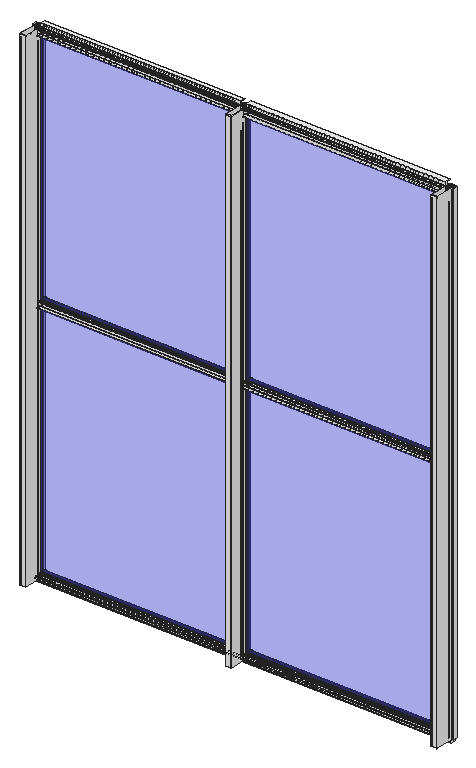
Revit family "Facade_60_Curtain_Wall_S22_Standard", category Windows, host Wall, Revit 2014 (continued)
Definition of nested family "F60 Vertical Profile Middle_S22_Std"
  Reference planes
    plane 2: z = 0
    plane 3 "Center (Left/Right)": x = 0
  Forms (mm)
    Extrusion 1, solid, material <- "Profile Material"
      sketch origin (0, 0, 0) x (1, 0, 0) y (0, 1, 0)
        loop
          arc (25.249, -8.7) -> (25.484, -9.266) -> (26.049, -9.5) r 0.8
          line (26.049, -9.5) -> (27.1, -9.5) -> (27.1, 7) -> (32.902, 7) -> (32.902, -9.5) -> (33.951, -9.5)
          arc (33.951, -9.5) -> (34.516, -9.266) -> (34.751, -8.7) r 0.8
          line (34.751, -8.7) -> (34.751, 6.2)
          arc (34.751, 6.2) -> (34.985, 6.766) -> (35.551, 7) r 0.8
          line (35.551, 7) -> (52.1, 7) -> (52.1, 5.4) -> (50.55, 5.4) -> (50.55, 4.55)
          arc (50.55, 4.55) -> (50.726, 4.126) -> (51.15, 3.95) r 0.6
          line (51.15, 3.95) -> (52.1, 3.95) -> (52.1, 1)
          arc (52.1, 1) -> (51.6, 0.5) -> (52.1, 0) r 0.5
          line (52.1, 0) -> (54.45, 0) -> (54.45, 1.15) -> (53.3, 1.15) -> (53.3, 2.45) -> (58.8, 2.45) -> (58.8, 1.15) -> (57.65, 1.15) -> (57.65, 0) -> (59.5, 0)
          arc (59.5, 0) -> (59.854, 0.146) -> (60, 0.5) r 0.5
          line (60, 0.5) -> (60, 3.9) -> (53.55, 3.9) -> (53.55, 7.6)
          arc (53.55, 7.6) -> (53.316, 8.166) -> (52.75, 8.4) r 0.8
          line (52.75, 8.4) -> (30, 8.4) -> (7.25, 8.4)
          arc (7.25, 8.4) -> (6.684, 8.166) -> (6.45, 7.6) r 0.8
          line (6.45, 7.6) -> (6.45, 3.9) -> (0, 3.9) -> (0, 0.5)
          arc (0, 0.5) -> (0.146, 0.146) -> (0.5, 0) r 0.5
          line (0.5, 0) -> (2.35, 0) -> (2.35, 1.15) -> (1.2, 1.15) -> (1.2, 2.45) -> (6.7, 2.45) -> (6.7, 1.15) -> (5.55, 1.15) -> (5.55, 0) -> (7.9, 0)
          arc (7.9, 0) -> (8.4, 0.5) -> (7.9, 1) r 0.5
          line (7.9, 1) -> (7.9, 3.95) -> (8.85, 3.95)
          arc (8.85, 3.95) -> (9.274, 4.126) -> (9.45, 4.55) r 0.6
          line (9.45, 4.55) -> (9.45, 5.4) -> (7.9, 5.4) -> (7.9, 7) -> (24.449, 7)
          arc (24.449, 7) -> (25.015, 6.766) -> (25.249, 6.2) r 0.8
          line (25.249, 6.2) -> (25.249, -8.7)
      from 0 to 250 <- "Length"
    Extrusion 2, solid, material <- "Thermal Break Material"
      sketch origin (0, 0, 0) x (1, 0, 0) y (0, 1, 0)
        loop
          line (1.75, 9.8) -> (1.75, 5.2) -> (0, 5.2) -> (0, 3.9) -> (6.35, 3.9) -> (6.35, 7.856)
          arc (6.35, 7.856) -> (6.526, 8.281) -> (6.95, 8.456) r 0.6
          line (6.95, 8.456) -> (30, 8.456) -> (53.05, 8.456)
          arc (53.05, 8.456) -> (53.474, 8.281) -> (53.65, 7.856) r 0.6
          line (53.65, 7.856) -> (53.65, 3.9) -> (60, 3.9) -> (60, 5.2) -> (58.25, 5.2) -> (58.25, 9.8) -> (30, 9.8) -> (1.75, 9.8)
      from 0 to 250 <- "Length"
    Extrusion 3, solid, material <- "Thermal Break Material", visible <- "Single Glazing"
      sketch origin (0, 0, 0) x (1, 0, 0) y (0, 1, 0)
        loop
          line (25.749, -14.011) -> (27.672, -14.011) -> (28.481, -12.611) -> (31.518, -12.611) -> (32.327, -14.011) -> (34.249, -14.011)
          arc (34.249, -14.011) -> (34.603, -13.864) -> (34.749, -13.511) r 0.5
          line (34.749, -13.511) -> (34.749, -10.011)
          arc (34.749, -10.011) -> (34.603, -9.657) -> (34.249, -9.511) r 0.5
          line (34.249, -9.511) -> (32.352, -9.511) -> (32.352, 0.19) -> (31.349, 2.261)
          arc (31.349, 2.261) -> (29.999, 2.986) -> (28.649, 2.261) r 1.62
          line (28.649, 2.261) -> (27.647, 0.19) -> (27.647, -9.511) -> (25.749, -9.511)
          arc (25.749, -9.511) -> (25.396, -9.657) -> (25.249, -10.011) r 0.5
          line (25.249, -10.011) -> (25.249, -13.511)
          arc (25.249, -13.511) -> (25.396, -13.864) -> (25.749, -14.011) r 0.5
        loop
          line (28.504, -10.005) -> (28.504, -10.861)
          arc (28.504, -10.861) -> (28.651, -11.214) -> (29.004, -11.361) r 0.5
          line (29.004, -11.361) -> (30.994, -11.361)
          arc (30.994, -11.361) -> (31.348, -11.214) -> (31.494, -10.861) r 0.5
          line (31.494, -10.861) -> (31.494, -10.005) -> (30.708, -9.219)
          arc (30.708, -9.219) -> (30.383, -9.001) -> (29.999, -8.924) r 1.007
          arc (29.999, -8.924) -> (29.616, -8.999) -> (29.292, -9.217) r 0.986
          line (29.292, -9.217) -> (28.504, -10.005)
        loop
          arc (30.896, 1.935) -> (29.887, 2.44) -> (29.005, 1.735) r 1.047
          line (29.005, 1.735) -> (28.347, 0.374) -> (28.347, -6.993)
          arc (28.347, -6.993) -> (28.583, -7.417) -> (29.068, -7.441) r 0.5
          arc (29.068, -7.441) -> (29.999, -7.223) -> (30.93, -7.441) r 2.099
          arc (30.93, -7.441) -> (31.416, -7.417) -> (31.652, -6.993) r 0.5
          line (31.652, -6.993) -> (31.652, 0.374) -> (30.896, 1.935)
      from 0 to 250 <- "Length"
    Extrusion 4, solid, material <- "Profile Material", visible <- "Single Glazing"
      sketch origin (0, 0, 0) x (1, 0, 0) y (0, 1, 0)
        loop
          line (52.693, -14.011) -> (32.327, -14.011) -> (31.519, -12.611) -> (28.481, -12.611) -> (27.673, -14.011) -> (7.307, -14.011) -> (7.307, -15.011) -> (8.457, -15.011) -> (8.457, -16.261) -> (2.957, -16.261) -> (2.957, -15.011) -> (4.107, -15.011) -> (4.107, -14.011) -> (1.707, -14.011)
          arc (1.707, -14.011) -> (1.199, -14.293) -> (1.168, -14.873) r 0.6
          line (1.168, -14.873) -> (2.093, -16.772) -> (1.015, -17.298) -> (1.484, -18.261) -> (11.488, -18.261)
          arc (11.488, -18.261) -> (11.913, -18.085) -> (12.088, -17.661) r 0.6
          line (12.088, -17.661) -> (12.088, -16.811) -> (47.912, -16.811) -> (47.912, -17.661)
          arc (47.912, -17.661) -> (48.088, -18.085) -> (48.512, -18.261) r 0.6
          line (48.512, -18.261) -> (58.518, -18.261) -> (58.987, -17.298) -> (57.908, -16.772) -> (58.834, -14.874)
          arc (58.834, -14.874) -> (58.802, -14.293) -> (58.293, -14.011) r 0.6
          line (58.293, -14.011) -> (55.893, -14.011) -> (55.893, -15.011) -> (57.043, -15.011) -> (57.043, -16.261) -> (51.543, -16.261) -> (51.543, -15.011) -> (52.693, -15.011) -> (52.693, -14.011)
      from 0 to 250 <- "Length"
    Extrusion 5, solid, material <- "Profile Material", visible <- "Single Glazing"
      sketch origin (0, 0, 0) x (1, 0, 0) y (0, 1, 0)
        loop
          line (2.801, -18.261) -> (1.484, -18.261) -> (1.015, -17.298) -> (2.093, -16.772) -> (0.779, -14.076)
          arc (0.779, -14.076) -> (0.239, -14.21) -> (0.001, -14.713) r 0.65
          line (0.001, -14.713) -> (0.001, -28.068)
          arc (0.001, -28.068) -> (1.172, -30.897) -> (4.001, -32.068) r 4
          line (4.001, -32.068) -> (30.001, -32.068) -> (56.001, -32.068)
          arc (56.001, -32.068) -> (58.829, -30.897) -> (60.001, -28.068) r 4
          line (60.001, -28.068) -> (60.001, -14.713)
          arc (60.001, -14.713) -> (59.763, -14.21) -> (59.223, -14.076) r 0.65
          line (59.223, -14.076) -> (57.908, -16.772) -> (58.987, -17.298) -> (58.518, -18.261) -> (57.201, -18.261)
          arc (57.201, -18.261) -> (56.83, -18.425) -> (56.703, -18.811) r 0.5
          arc (56.703, -18.811) -> (56.83, -19.196) -> (57.201, -19.361) r 0.5
          line (57.201, -19.361) -> (58.951, -19.361) -> (58.951, -27.968)
          arc (58.951, -27.968) -> (58.131, -29.948) -> (56.151, -30.768) r 2.8
          line (56.151, -30.768) -> (30.001, -30.768) -> (3.851, -30.768)
          arc (3.851, -30.768) -> (1.871, -29.948) -> (1.051, -27.968) r 2.8
          line (1.051, -27.968) -> (1.051, -19.361) -> (2.801, -19.361)
          arc (2.801, -19.361) -> (3.172, -19.196) -> (3.298, -18.811) r 0.5
          arc (3.298, -18.811) -> (3.172, -18.425) -> (2.801, -18.261) r 0.5
      from 0 to 250 <- "Length"
    Extrusion 6, solid, material <- "Profile Material", visible <- "100mm Mullion"
      sketch origin (0, 0, 0) x (1, 0, 0) y (0, 1, 0)
        loop
          line (14.02, 13) -> (45.98, 13)
          arc (45.98, 13) -> (46.539, 12.842) -> (46.917, 12.4) r 1
          arc (46.917, 12.4) -> (47.285, 11.963) -> (47.833, 11.8) r 1
          line (47.833, 11.8) -> (58.15, 11.8) -> (58.15, 96.3) -> (47.833, 96.3)
          arc (47.833, 96.3) -> (47.285, 96.137) -> (46.917, 95.7) r 1
          arc (46.917, 95.7) -> (46.548, 95.263) -> (46, 95.1) r 1
          line (46, 95.1) -> (14, 95.1)
          arc (14, 95.1) -> (13.452, 95.263) -> (13.083, 95.7) r 1
          arc (13.083, 95.7) -> (12.715, 96.137) -> (12.167, 96.3) r 1
          line (12.167, 96.3) -> (1.85, 96.3) -> (1.85, 11.8) -> (12.167, 11.8)
          arc (12.167, 11.8) -> (12.715, 11.963) -> (13.083, 12.4) r 1
          arc (13.083, 12.4) -> (13.461, 12.842) -> (14.02, 13) r 1
        loop
          line (1.65, 9.856) -> (58.35, 9.856) -> (58.35, 5.2) -> (60, 5.2) -> (60, 98.8)
          arc (60, 98.8) -> (59.707, 99.507) -> (59, 99.8) r 1
          line (59, 99.8) -> (1, 99.8)
          arc (1, 99.8) -> (0.293, 99.507) -> (0, 98.8) r 1
          line (0, 98.8) -> (0, 5.2) -> (1.65, 5.2) -> (1.65, 9.856)
      from 0 to 250 <- "Length"
    Extrusion 7, solid, material <- "Profile Material", visible <- "160mm Mullion"
      sketch origin (0, 0, 0) x (1, 0, 0) y (0, 1, 0)
        loop
          arc (2.35, 15.6) -> (2.526, 15.176) -> (2.95, 15) r 0.6
          line (2.95, 15) -> (57.05, 15)
          arc (57.05, 15) -> (57.474, 15.176) -> (57.65, 15.6) r 0.6
          line (57.65, 15.6) -> (57.65, 153.7)
          arc (57.65, 153.7) -> (57.474, 154.124) -> (57.05, 154.3) r 0.6
          line (57.05, 154.3) -> (47.833, 154.3)
          arc (47.833, 154.3) -> (47.285, 154.137) -> (46.917, 153.7) r 1
          arc (46.917, 153.7) -> (46.548, 153.263) -> (46, 153.1) r 1
          line (46, 153.1) -> (14, 153.1)
          arc (14, 153.1) -> (13.452, 153.263) -> (13.083, 153.7) r 1
          arc (13.083, 153.7) -> (12.715, 154.137) -> (12.167, 154.3) r 1
          line (12.167, 154.3) -> (2.95, 154.3)
          arc (2.95, 154.3) -> (2.526, 154.124) -> (2.35, 153.7) r 0.6
          line (2.35, 153.7) -> (2.35, 15.6)
        loop
          arc (1, 159.8) -> (0.293, 159.507) -> (0, 158.8) r 1
          line (0, 158.8) -> (0, 5.2) -> (1.65, 5.2) -> (1.65, 10.013) -> (58.35, 10.013) -> (58.35, 5.2) -> (60, 5.2) -> (60, 158.8)
          arc (60, 158.8) -> (59.707, 159.507) -> (59, 159.8) r 1
          line (59, 159.8) -> (1, 159.8)
      from 0 to 250 <- "Length"
    Extrusion 8, solid, material <- "Profile Material", visible <- "190mm Mullion"
      sketch origin (0, 0, 0) x (1, 0, 0) y (0, 1, 0)
        loop
          line (57.25, 15.1) -> (57.25, 178.3)
          arc (57.25, 178.3) -> (56.957, 179.007) -> (56.25, 179.3) r 1
          line (56.25, 179.3) -> (3.75, 179.3)
          arc (3.75, 179.3) -> (3.043, 179.007) -> (2.75, 178.3) r 1
          line (2.75, 178.3) -> (2.75, 15.1)
          arc (2.75, 15.1) -> (2.984, 14.534) -> (3.55, 14.3) r 0.8
          line (3.55, 14.3) -> (56.45, 14.3)
          arc (56.45, 14.3) -> (57.016, 14.534) -> (57.25, 15.1) r 0.8
        loop
          line (60, 5.2) -> (60, 188.8)
          arc (60, 188.8) -> (59.707, 189.507) -> (59, 189.8) r 1
          line (59, 189.8) -> (1, 189.8)
          arc (1, 189.8) -> (0.293, 189.507) -> (0, 188.8) r 1
          line (0, 188.8) -> (0, 5.2) -> (1.65, 5.2) -> (1.65, 9.856) -> (58.35, 9.856) -> (58.35, 5.2) -> (60, 5.2)
      from 0 to 250 <- "Length"
    Extrusion 9, solid, material <- "Thermal Break Material", visible <- "Double Glazing"
      sketch origin (0, 0, 0) x (1, 0, 0) y (0, 1, 0)
        loop
          line (27.672, -28) -> (28.48, -26.6) -> (31.518, -26.6) -> (32.326, -28) -> (34.249, -28)
          arc (34.249, -28) -> (34.603, -27.854) -> (34.749, -27.5) r 0.5
          line (34.749, -27.5) -> (34.749, -10)
          arc (34.749, -10) -> (34.603, -9.646) -> (34.249, -9.5) r 0.5
          line (34.249, -9.5) -> (32.352, -9.5) -> (32.352, 0.198) -> (31.348, 2.272)
          arc (31.348, 2.272) -> (29.998, 2.997) -> (28.648, 2.272) r 1.62
          line (28.648, 2.272) -> (27.645, 0.201) -> (27.645, -9.5) -> (25.749, -9.5)
          arc (25.749, -9.5) -> (25.396, -9.646) -> (25.249, -10) r 0.5
          line (25.249, -10) -> (25.249, -27.5)
          arc (25.249, -27.5) -> (25.396, -27.854) -> (25.749, -28) r 0.5
          line (25.749, -28) -> (27.672, -28)
        loop
          arc (30.706, -9.206) -> (30.382, -8.99) -> (29.999, -8.913) r 1.007
          arc (29.999, -8.913) -> (29.616, -8.988) -> (29.292, -9.206) r 0.986
          line (29.292, -9.206) -> (27.142, -11.356)
          arc (27.142, -11.356) -> (26.926, -11.68) -> (26.849, -12.063) r 1
          line (26.849, -12.063) -> (26.849, -24)
          arc (26.849, -24) -> (27.142, -24.707) -> (27.849, -25) r 1
          line (27.849, -25) -> (32.149, -25)
          arc (32.149, -25) -> (32.856, -24.707) -> (33.149, -24) r 1
          line (33.149, -24) -> (33.149, -12.063)
          arc (33.149, -12.063) -> (33.073, -11.68) -> (32.856, -11.356) r 1
          line (32.856, -11.356) -> (30.706, -9.206)
        loop
          arc (28.345, -6.982) -> (28.581, -7.407) -> (29.067, -7.43) r 0.5
          arc (29.067, -7.43) -> (29.998, -7.213) -> (30.929, -7.43) r 2.099
          arc (30.929, -7.43) -> (31.414, -7.407) -> (31.651, -6.982) r 0.5
          line (31.651, -6.982) -> (31.651, 0.385) -> (30.895, 1.946)
          arc (30.895, 1.946) -> (29.885, 2.45) -> (29.004, 1.745) r 1.047
          line (29.004, 1.745) -> (28.345, 0.385) -> (28.345, -6.982)
      from 0 to 250 <- "Length"
    Extrusion 10, solid, material <- "Profile Material", visible <- "Double Glazing"
      sketch origin (0, 0, 0) x (1, 0, 0) y (0, 1, 0)
        loop
          line (52.692, -28) -> (32.327, -28) -> (31.518, -26.6) -> (28.48, -26.6) -> (27.672, -28) -> (7.306, -28) -> (7.306, -29) -> (8.456, -29) -> (8.456, -30.25) -> (2.956, -30.25) -> (2.956, -29) -> (4.106, -29) -> (4.106, -28) -> (1.706, -28)
          arc (1.706, -28) -> (1.198, -28.282) -> (1.167, -28.863) r 0.6
          line (1.167, -28.863) -> (2.093, -30.762) -> (1.014, -31.288) -> (1.483, -32.25) -> (11.488, -32.25)
          arc (11.488, -32.25) -> (11.912, -32.074) -> (12.088, -31.65) r 0.6
          line (12.088, -31.65) -> (12.088, -30.8) -> (47.911, -30.8) -> (47.911, -31.65)
          arc (47.911, -31.65) -> (48.087, -32.074) -> (48.511, -32.25) r 0.6
          line (48.511, -32.25) -> (58.517, -32.25) -> (58.986, -31.288) -> (57.907, -30.762) -> (58.833, -28.864)
          arc (58.833, -28.864) -> (58.801, -28.282) -> (58.292, -28) r 0.6
          line (58.292, -28) -> (55.892, -28) -> (55.892, -29) -> (57.042, -29) -> (57.042, -30.25) -> (51.542, -30.25) -> (51.542, -29) -> (52.692, -29) -> (52.692, -28)
      from 0 to 250 <- "Length"
    Extrusion 11, solid, material <- "Profile Material", visible <- "Double Glazing"
      sketch origin (0, 0, 0) x (1, 0, 0) y (0, 1, 0)
        loop
          line (2.8, -32.25) -> (1.483, -32.25) -> (1.014, -31.288) -> (2.093, -30.762) -> (0.778, -28.065)
          arc (0.778, -28.065) -> (0.238, -28.2) -> (0, -28.702) r 0.65
          line (0, -28.702) -> (0, -42.058)
          arc (0, -42.058) -> (1.172, -44.886) -> (4, -46.058) r 4
          line (4, -46.058) -> (30, -46.058) -> (56, -46.058)
          arc (56, -46.058) -> (58.828, -44.886) -> (60, -42.058) r 4
          line (60, -42.058) -> (60, -28.702)
          arc (60, -28.702) -> (59.762, -28.2) -> (59.222, -28.065) r 0.65
          line (59.222, -28.065) -> (57.907, -30.762) -> (58.986, -31.288) -> (58.517, -32.25) -> (57.2, -32.25)
          arc (57.2, -32.25) -> (56.829, -32.415) -> (56.703, -32.8) r 0.5
          arc (56.703, -32.8) -> (56.829, -33.185) -> (57.2, -33.35) r 0.5
          line (57.2, -33.35) -> (58.95, -33.35) -> (58.95, -41.958)
          arc (58.95, -41.958) -> (58.13, -43.938) -> (56.15, -44.758) r 2.8
          line (56.15, -44.758) -> (30, -44.758) -> (3.85, -44.758)
          arc (3.85, -44.758) -> (1.87, -43.938) -> (1.05, -41.958) r 2.8
          line (1.05, -41.958) -> (1.05, -33.35) -> (2.8, -33.35)
          arc (2.8, -33.35) -> (3.171, -33.185) -> (3.297, -32.8) r 0.5
          arc (3.297, -32.8) -> (3.171, -32.415) -> (2.8, -32.25) r 0.5
      from 0 to 250 <- "Length"
    Extrusion 12, solid, material <- "Profile Material", visible <- "Double Glazing"
      sketch origin (0, 0, 0) x (1, 0, 0) y (0, 1, 0)
        loop
          line (12, -7.775) -> (0, -7.775) -> (0, -25.775) -> (12, -25.775) -> (12, -7.775)
        loop
          line (10.8, -8.975) -> (1.2, -8.975) -> (1.2, -24.575) -> (10.8, -24.575) -> (10.8, -8.975)
      from 0 to 250 <- "Length"
  Lines and regions (mm)
    model lines, style "GenericModelHiddenLines", visible <- "Half 100mm Expansion Break"
      curve 1: line (60, 5.2, 125) -> (60, 95.2, 125)
      curve 2: line (60, 99.8, 125) -> (0, 99.8, 125)
      curve 8: line (0, 5.2, 125) -> (0, 95.2, 125)
    model lines, style "GenericModelHiddenLines", visible <- "Quarter 100mm Expansion Break"
      curve 3: line (60, 5.2, 187.5) -> (60, 95.2, 187.5)
      curve 4: line (60, 5.2, 62.5) -> (60, 95.2, 62.5)
      curve 5: line (60, 99.8, 62.5) -> (0, 99.8, 62.5)
      curve 6: line (60, 99.8, 187.5) -> (0, 99.8, 187.5)
      curve 7: line (0, 5.2, 187.5) -> (0, 95.2, 187.5)
      curve 9: line (0, 5.2, 62.5) -> (0, 95.2, 62.5)
    model lines, style "GenericModelHiddenLines", visible <- "Half SG Expansion Break"
      curve 10: line (4.107, -32.068, 125) -> (55.893, -32.068, 125)
      curve 14: line (60.001, -14.011, 125) -> (60.001, -32.068, 125)
    model lines, style "GenericModelHiddenLines", visible <- "Quarter SG Expansion Break"
      curve 11: line (4.107, -32.068, 187.5) -> (56.703, -32.068, 187.5)
      curve 12: line (4.107, -32.068, 62.5) -> (56.703, -32.068, 62.5)
      curve 13: line (60.001, -14.011, 187.5) -> (60.001, -32.068, 187.5)
      curve 15: line (60.001, -14.011, 62.5) -> (60.001, -32.068, 62.5)
    model lines, style "GenericModelHiddenLines", visible <- "Quarter 160mm Expansion Break"
      curve 16: line (0, 5.2, 187.5) -> (0, 155.2, 187.5)
      curve 18: line (0, 5.2, 62.5) -> (0, 155.2, 62.5)
      curve 19: line (0, 159.8, 187.5) -> (60, 159.8, 187.5)
      curve 21: line (0, 159.8, 62.5) -> (60, 159.8, 62.5)
      curve 22: line (60, 5.2, 187.5) -> (60, 155.2, 187.5)
      curve 24: line (60, 5.2, 62.5) -> (60, 155.2, 62.5)
    model lines, style "GenericModelHiddenLines", visible <- "Half 160mm Expansion Break"
      curve 17: line (0, 5.2, 125) -> (0, 155.2, 125)
      curve 20: line (0, 159.8, 125) -> (60, 159.8, 125)
      curve 23: line (60, 5.2, 125) -> (60, 155.2, 125)
    model lines, style "GenericModelHiddenLines", visible <- "Quarter 190mm Expansion Break"
      curve 25: line (0, 5.2, 187.5) -> (0, 185.2, 187.5)
      curve 27: line (0, 5.2, 62.5) -> (0, 185.2, 62.5)
      curve 28: line (0.779, 189.8, 187.5) -> (59.222, 189.8, 187.5)
      curve 30: line (0.779, 189.8, 62.5) -> (59.222, 189.8, 62.5)
      curve 31: line (60, 5.2, 187.5) -> (60, 185.2, 187.5)
      curve 33: line (60, 5.2, 62.5) -> (60, 185.2, 62.5)
    model lines, style "GenericModelHiddenLines", visible <- "Half 190mm Expansion Joint"
      curve 26: line (0, 5.2, 125) -> (0, 185.2, 125)
      curve 29: line (0.779, 189.8, 125) -> (59.222, 189.8, 125)
      curve 32: line (60, 5.2, 125) -> (60, 185.2, 125)
    model lines, style "GenericModelHiddenLines", visible <- "Quarter DG Expansion Break"
      curve 34: line (60, -28.065, 187.5) -> (60, -46.074, 187.5)
      curve 36: line (60, -28.065, 62.5) -> (60, -46.027, 62.5)
      curve 37: line (59.222, -46.058, 187.5) -> (0.779, -46.058, 187.5)
      curve 39: line (59.222, -46.058, 62.5) -> (0.779, -46.058, 62.5)
    model lines, style "GenericModelHiddenLines", visible <- "Half DG Expansion Break"
      curve 35: line (60, -28.065, 125) -> (60, -46.074, 125)
      curve 38: line (59.222, -46.058, 125) -> (0.779, -46.058, 125)
  Dimensions and locks
    "Half Length": curve 1 to level
    "Half Length": level to curve 2
    "Quarter Length": curve 4 to level
    "Quarter Length": Extrusion 8 to curve 3
    "Quarter Length": level to curve 5
    "Quarter Length": curve 6 to Extrusion 6
    "Quarter Length": curve 9 to level
    "Half Length": curve 8 to level
    "Quarter Length": Extrusion 8 to curve 7
    "Quarter Length": curve 12 to level
    "Half Length": curve 10 to level
    "Quarter Length": Extrusion 5 to curve 11
    "Quarter Length": curve 15 to level
    "Half Length": curve 14 to level
    "Quarter Length": Extrusion 5 to curve 13
    "Quarter Length": Extrusion 7 to curve 18
    "Half Length": Extrusion 7 to curve 17
    "Quarter Length": Extrusion 7 to curve 16
    "Quarter Length": Extrusion 7 to curve 21
    "Quarter Length": curve 19 to Extrusion 7
    "Half Length": Extrusion 7 to curve 20
    "Quarter Length": Extrusion 7 to curve 24
    "Quarter Length": Extrusion 7 to curve 22
    "Half Length": Extrusion 7 to curve 23
    "Quarter Length": Extrusion 8 to curve 27
    "Quarter Length": Extrusion 8 to curve 25
    "Half Length": Extrusion 8 to curve 26
    "Quarter Length": Extrusion 8 to curve 30
    "Quarter Length": curve 28 to Extrusion 8
    "Half Length": Extrusion 8 to curve 29
    "Quarter Length": Extrusion 8 to curve 33
    "Quarter Length": Extrusion 8 to curve 31
    "Half Length": Extrusion 8 to curve 32
    "Quarter Length": Extrusion 11 to curve 36
    "Quarter Length": Extrusion 11 to curve 34
    "Half Length": Extrusion 11 to curve 35
    "Quarter Length": Extrusion 11 to curve 37
    "Quarter Length": curve 39 to Extrusion 11
    "Half Length": curve 38 to Extrusion 11
    aligned and locked: level to plane 2
  Automatic sketch dimensions
    Extrusion 1 sketch curve to plane 3 "Center (Left/Right)" = 0 mm
    plane 1 "Center (Front/Back)" to Extrusion 1 sketch curve = 0 mm  (x4)
    plane 3 "Center (Left/Right)" to Extrusion 1 sketch curve = 0.5 mm
    Extrusion 1 sketch curve to Extrusion 1 sketch curve = 0.7 mm  (x2)
    Extrusion 1 sketch curve to Extrusion 1 sketch curve = 1.15 mm  (x4)
    Extrusion 1 sketch curve to Extrusion 1 sketch curve = 3.2 mm  (x2)
    Extrusion 1 sketch curve to Extrusion 1 sketch curve = 0.9 mm
    Extrusion 1 sketch curve to Extrusion 1 sketch curve = 0.25 mm
    Extrusion 1 sketch curve to Extrusion 1 sketch curve = 0.8 mm  (x7)
    Extrusion 1 sketch curve to Extrusion 1 sketch curve = 1.45 mm  (x2)
    Extrusion 1 sketch curve to Extrusion 1 sketch curve = 0.65 mm  (x3)
    Extrusion 1 sketch curve to Extrusion 1 sketch curve = 0.95 mm  (x3)
    Extrusion 1 sketch curve to Extrusion 1 sketch curve = 0.6 mm  (x3)
    Extrusion 1 sketch curve to plane 1 "Center (Front/Back)" = 7 mm
    Extrusion 1 sketch curve to Extrusion 1 sketch curve = 14.999 mm  (x2)
    plane 1 "Center (Front/Back)" to Extrusion 1 sketch curve = 8.7 mm
    Extrusion 1 sketch curve to Extrusion 1 sketch curve = 1.85 mm
    Extrusion 1 sketch curve to Extrusion 1 sketch curve = 2.9 mm
    Extrusion 1 sketch curve to Extrusion 1 sketch curve = 5.802 mm
    Extrusion 1 sketch curve to Extrusion 1 sketch curve = 1.049 mm
    Extrusion 1 sketch curve to plane 1 "Center (Front/Back)" = 4.55 mm
    Extrusion 1 sketch curve to plane 1 "Center (Front/Back)" = 0.5 mm  (x3)
    Extrusion 1 sketch curve to Extrusion 1 sketch curve = 1.2 mm
    Extrusion 1 sketch curve to plane 1 "Center (Front/Back)" = 1.15 mm  (x2)
    Extrusion 1 sketch curve to Extrusion 1 sketch curve = 0 mm
    Extrusion 1 sketch curve to Extrusion 1 sketch curve = 1.3 mm  (x2)
    Extrusion 1 sketch curve to Extrusion 1 sketch curve = 0.05 mm  (x2)
    Extrusion 1 sketch curve to Extrusion 1 sketch curve = 0.85 mm  (x2)
    Extrusion 1 sketch curve to plane 1 "Center (Front/Back)" = 6.2 mm
    Extrusion 2 sketch curve to plane 3 "Center (Left/Right)" = 0 mm
    plane 3 "Center (Left/Right)" to Extrusion 2 sketch curve = 1.75 mm
    Extrusion 2 sketch curve to Extrusion 2 sketch curve = 4.6 mm  (x4)
    Extrusion 2 sketch curve to Extrusion 2 sketch curve = 0.6 mm  (x2)
    Extrusion 2 sketch curve to plane 1 "Center (Front/Back)" = 9.8 mm
    Extrusion 2 sketch curve to Extrusion 2 sketch curve = 23.05 mm  (x2)
    Extrusion 2 sketch curve to Extrusion 2 sketch curve = 0 mm
    Extrusion 2 sketch curve to plane 1 "Center (Front/Back)" = 8.456 mm
    Extrusion 2 sketch curve to Extrusion 2 sketch curve = 1.75 mm
    Extrusion 2 sketch curve to plane 1 "Center (Front/Back)" = 3.9 mm  (x2)
    plane 3 "Center (Left/Right)" to Extrusion 3 sketch curve = 25.249 mm
    Extrusion 3 sketch curve to Extrusion 3 sketch curve = 0.5 mm  (x6)
    Extrusion 3 sketch curve to plane 1 "Center (Front/Back)" = 0.19 mm  (x2)
    Extrusion 3 sketch curve to Extrusion 3 sketch curve = 1.897 mm  (x2)
    Extrusion 3 sketch curve to Extrusion 3 sketch curve = 1.922 mm  (x2)
    Extrusion 3 sketch curve to plane 1 "Center (Front/Back)" = 0.374 mm  (x2)
    Extrusion 3 sketch curve to Extrusion 3 sketch curve = 0.7 mm  (x2)
    plane 1 "Center (Front/Back)" to Extrusion 3 sketch curve = 12.611 mm
    Extrusion 3 sketch curve to Extrusion 3 sketch curve = 0.809 mm
    Extrusion 3 sketch curve to Extrusion 3 sketch curve = 0.858 mm
    Extrusion 3 sketch curve to plane 1 "Center (Front/Back)" = 2.261 mm  (x2)
    Extrusion 3 sketch curve to Extrusion 3 sketch curve = 0.303 mm
    Extrusion 3 sketch curve to plane 1 "Center (Front/Back)" = 1.735 mm
    Extrusion 3 sketch curve to Extrusion 3 sketch curve = 0.356 mm
    plane 1 "Center (Front/Back)" to Extrusion 3 sketch curve = 9.217 mm
    Extrusion 3 sketch curve to Extrusion 3 sketch curve = 0.788 mm
    Extrusion 3 sketch curve to Extrusion 3 sketch curve = 0.701 mm
    Extrusion 3 sketch curve to Extrusion 3 sketch curve = 0.003 mm
    Extrusion 3 sketch curve to Extrusion 3 sketch curve = 0.992 mm
    Extrusion 3 sketch curve to Extrusion 3 sketch curve = 0.006 mm
    Extrusion 3 sketch curve to Extrusion 3 sketch curve = 0.002 mm
    plane 1 "Center (Front/Back)" to Extrusion 3 sketch curve = 9.219 mm
    Extrusion 3 sketch curve to Extrusion 3 sketch curve = 0.709 mm
    Extrusion 3 sketch curve to plane 1 "Center (Front/Back)" = 1.935 mm
    Extrusion 3 sketch curve to Extrusion 3 sketch curve = 0.899 mm
    Extrusion 3 sketch curve to Extrusion 3 sketch curve = 0.998 mm
    Extrusion 3 sketch curve to Extrusion 3 sketch curve = 0.444 mm
    Extrusion 3 sketch curve to Extrusion 3 sketch curve = 0.524 mm
    Extrusion 3 sketch curve to Extrusion 3 sketch curve = 0.756 mm
    Extrusion 3 sketch curve to Extrusion 3 sketch curve = 0.808 mm
    Extrusion 3 sketch curve to Extrusion 3 sketch curve = 0.9 mm  (x2)
    Extrusion 3 sketch curve to Extrusion 3 sketch curve = 1.25 mm
    Extrusion 3 sketch curve to Extrusion 3 sketch curve = 0.85 mm  (x2)
    Extrusion 3 sketch curve to Extrusion 3 sketch curve = 0.856 mm  (x2)
    Extrusion 3 sketch curve to Extrusion 3 sketch curve = 0.714 mm
    Extrusion 3 sketch curve to Extrusion 3 sketch curve = 0.02 mm
    Extrusion 3 sketch curve to Extrusion 3 sketch curve = 0.399 mm
    Extrusion 3 sketch curve to Extrusion 3 sketch curve = 2.224 mm
    Extrusion 3 sketch curve to Extrusion 3 sketch curve = 0.448 mm
    Extrusion 3 sketch curve to Extrusion 3 sketch curve = 0.032 mm
    Extrusion 3 sketch curve to Extrusion 3 sketch curve = 0 mm
    plane 3 "Center (Left/Right)" to Extrusion 4 sketch curve = 1.015 mm
    Extrusion 4 sketch curve to Extrusion 4 sketch curve = 0.469 mm
    plane 3 "Center (Left/Right)" to Extrusion 4 sketch curve = 1.707 mm
    Extrusion 4 sketch curve to Extrusion 4 sketch curve = 1.079 mm
    Extrusion 4 sketch curve to Extrusion 4 sketch curve = 0.864 mm
    Extrusion 4 sketch curve to Extrusion 4 sketch curve = 1.15 mm  (x4)
    Extrusion 4 sketch curve to Extrusion 4 sketch curve = 3.2 mm  (x2)
    Extrusion 4 sketch curve to Extrusion 4 sketch curve = 3.031 mm  (x2)
    Extrusion 4 sketch curve to Extrusion 4 sketch curve = 0.6 mm  (x3)
    Extrusion 4 sketch curve to Extrusion 4 sketch curve = 15.584 mm  (x2)
    plane 1 "Center (Front/Back)" to Extrusion 4 sketch curve = 12.611 mm
    Extrusion 4 sketch curve to Extrusion 4 sketch curve = 0.808 mm  (x2)
    Extrusion 4 sketch curve to Extrusion 4 sketch curve = 3.038 mm
    plane 1 "Center (Front/Back)" to Extrusion 4 sketch curve = 14.011 mm
    plane 1 "Center (Front/Back)" to Extrusion 4 sketch curve = 16.772 mm
    Extrusion 4 sketch curve to Extrusion 4 sketch curve = 0.865 mm
    Extrusion 4 sketch curve to Extrusion 4 sketch curve = 1.25 mm  (x4)
    plane 1 "Center (Front/Back)" to Extrusion 4 sketch curve = 18.261 mm
    Extrusion 4 sketch curve to Extrusion 4 sketch curve = 0.61 mm
    plane 1 "Center (Front/Back)" to Extrusion 4 sketch curve = 17.298 mm
    Extrusion 4 sketch curve to Extrusion 4 sketch curve = 5.65 mm
    Extrusion 4 sketch curve to Extrusion 4 sketch curve = 0.962 mm
    Extrusion 4 sketch curve to Extrusion 4 sketch curve = 0.85 mm
    Extrusion 4 sketch curve to Extrusion 4 sketch curve = 0.512 mm  (x2)
    Extrusion 4 sketch curve to Extrusion 4 sketch curve = 1 mm  (x2)
    Extrusion 4 sketch curve to Extrusion 4 sketch curve = 0.4 mm  (x2)
    Extrusion 4 sketch curve to Extrusion 4 sketch curve = 1.4 mm
    Extrusion 4 sketch curve to Extrusion 4 sketch curve = 0.539 mm  (x2)
    Extrusion 4 sketch curve to Extrusion 4 sketch curve = 0 mm
    plane 1 "Center (Front/Back)" to Extrusion 4 sketch curve = 14.874 mm
    plane 3 "Center (Left/Right)" to Extrusion 5 sketch curve = 0.001 mm
    Extrusion 5 sketch curve to Extrusion 5 sketch curve = 0.65 mm  (x2)
    Extrusion 5 sketch curve to Extrusion 5 sketch curve = 0.128 mm  (x2)
    plane 3 "Center (Left/Right)" to Extrusion 5 sketch curve = 1.015 mm
    plane 3 "Center (Left/Right)" to Extrusion 5 sketch curve = 1.051 mm
    Extrusion 5 sketch curve to Extrusion 5 sketch curve = 0.469 mm  (x2)
    Extrusion 5 sketch curve to Extrusion 5 sketch curve = 1.079 mm
    Extrusion 5 sketch curve to Extrusion 5 sketch curve = 1.317 mm  (x2)
    Extrusion 5 sketch curve to Extrusion 5 sketch curve = 0 mm  (x3)
    plane 3 "Center (Left/Right)" to Extrusion 5 sketch curve = 3.851 mm
    Extrusion 5 sketch curve to Extrusion 5 sketch curve = 0.15 mm  (x2)
    Extrusion 5 sketch curve to Extrusion 5 sketch curve = 26 mm  (x2)
    Extrusion 5 sketch curve to Extrusion 5 sketch curve = 1.05 mm
    plane 1 "Center (Front/Back)" to Extrusion 5 sketch curve = 16.772 mm
    Extrusion 5 sketch curve to Extrusion 5 sketch curve = 0.707 mm
    Extrusion 5 sketch curve to Extrusion 5 sketch curve = 0.433 mm
    plane 1 "Center (Front/Back)" to Extrusion 5 sketch curve = 17.298 mm
    plane 1 "Center (Front/Back)" to Extrusion 5 sketch curve = 14.076 mm
    Extrusion 5 sketch curve to Extrusion 5 sketch curve = 0.5 mm  (x2)
    plane 1 "Center (Front/Back)" to Extrusion 5 sketch curve = 18.761 mm
    Extrusion 5 sketch curve to Extrusion 5 sketch curve = 0.1 mm  (x3)
    Extrusion 5 sketch curve to Extrusion 5 sketch curve = 1.1 mm  (x2)
    Extrusion 5 sketch curve to Extrusion 5 sketch curve = 8.608 mm
    Extrusion 5 sketch curve to Extrusion 5 sketch curve = 0.962 mm
    Extrusion 6 sketch curve to plane 3 "Center (Left/Right)" = 0 mm
    plane 3 "Center (Left/Right)" to Extrusion 6 sketch curve = 1 mm
    plane 3 "Center (Left/Right)" to Extrusion 6 sketch curve = 1.65 mm
    plane 3 "Center (Left/Right)" to Extrusion 6 sketch curve = 1.85 mm
    Extrusion 6 sketch curve to Extrusion 6 sketch curve = 10.317 mm  (x3)
    Extrusion 6 sketch curve to Extrusion 6 sketch curve = 1.833 mm  (x4)
    Extrusion 6 sketch curve to Extrusion 6 sketch curve = 0.02 mm  (x2)
    Extrusion 6 sketch curve to plane 1 "Center (Front/Back)" = 13 mm
    Extrusion 6 sketch curve to Extrusion 6 sketch curve = 31.961 mm
    Extrusion 6 sketch curve to Extrusion 6 sketch curve = 32 mm
    Extrusion 6 sketch curve to Extrusion 6 sketch curve = 0.2 mm  (x5)
    Extrusion 6 sketch curve to Extrusion 6 sketch curve = 0.85 mm
    Extrusion 6 sketch curve to Extrusion 6 sketch curve = 1.65 mm
    Extrusion 6 sketch curve to Extrusion 6 sketch curve = 1 mm  (x8)
    Extrusion 6 sketch curve to Extrusion 6 sketch curve = 1.944 mm
    Extrusion 6 sketch curve to Extrusion 6 sketch curve = 4.656 mm  (x2)
    Extrusion 6 sketch curve to Extrusion 6 sketch curve = 82.1 mm
    Extrusion 6 sketch curve to Extrusion 6 sketch curve = 2.5 mm
    Extrusion 7 sketch curve to plane 3 "Center (Left/Right)" = 0 mm
    Extrusion 7 sketch curve to Extrusion 7 sketch curve = 1 mm  (x3)
    plane 3 "Center (Left/Right)" to Extrusion 7 sketch curve = 1.65 mm
    plane 3 "Center (Left/Right)" to Extrusion 7 sketch curve = 2.35 mm
    Extrusion 7 sketch curve to Extrusion 7 sketch curve = 0.6 mm  (x3)
    Extrusion 7 sketch curve to Extrusion 7 sketch curve = 9.217 mm  (x2)
    Extrusion 7 sketch curve to Extrusion 7 sketch curve = 1.833 mm  (x2)
    Extrusion 7 sketch curve to Extrusion 7 sketch curve = 32 mm
    Extrusion 7 sketch curve to plane 1 "Center (Front/Back)" = 15 mm
    Extrusion 7 sketch curve to Extrusion 7 sketch curve = 54.1 mm
    Extrusion 7 sketch curve to Extrusion 7 sketch curve = 1.3 mm
    Extrusion 7 sketch curve to Extrusion 7 sketch curve = 1.95 mm
    Extrusion 7 sketch curve to Extrusion 7 sketch curve = 1.65 mm
    Extrusion 7 sketch curve to Extrusion 7 sketch curve = 4.987 mm
    Extrusion 7 sketch curve to Extrusion 7 sketch curve = 4.813 mm
    Extrusion 7 sketch curve to Extrusion 7 sketch curve = 4.812 mm
    Extrusion 7 sketch curve to Extrusion 7 sketch curve = 137.5 mm
    Extrusion 7 sketch curve to Extrusion 7 sketch curve = 0.2 mm  (x2)
    Extrusion 7 sketch curve to Extrusion 7 sketch curve = 0.4 mm  (x2)
    Extrusion 7 sketch curve to Extrusion 7 sketch curve = 4.5 mm
    Extrusion 8 sketch curve to plane 3 "Center (Left/Right)" = 0 mm
    Extrusion 8 sketch curve to Extrusion 8 sketch curve = 1 mm  (x3)
    plane 3 "Center (Left/Right)" to Extrusion 8 sketch curve = 1.65 mm
    plane 3 "Center (Left/Right)" to Extrusion 8 sketch curve = 2.75 mm
    Extrusion 8 sketch curve to Extrusion 8 sketch curve = 0.8 mm  (x2)
    Extrusion 8 sketch curve to Extrusion 8 sketch curve = 52.5 mm
    Extrusion 8 sketch curve to plane 1 "Center (Front/Back)" = 15.1 mm
    Extrusion 8 sketch curve to Extrusion 8 sketch curve = 52.9 mm
    Extrusion 8 sketch curve to Extrusion 8 sketch curve = 1.9 mm
    Extrusion 8 sketch curve to Extrusion 8 sketch curve = 2.75 mm
    Extrusion 8 sketch curve to Extrusion 8 sketch curve = 4.444 mm
    Extrusion 8 sketch curve to Extrusion 8 sketch curve = 4.656 mm  (x2)
    Extrusion 8 sketch curve to Extrusion 8 sketch curve = 163.2 mm
    Extrusion 8 sketch curve to Extrusion 8 sketch curve = 9.5 mm
    plane 3 "Center (Left/Right)" to Extrusion 9 sketch curve = 25.249 mm
    Extrusion 9 sketch curve to Extrusion 9 sketch curve = 0.5 mm  (x4)
    Extrusion 9 sketch curve to Extrusion 9 sketch curve = 1.1 mm
    plane 1 "Center (Front/Back)" to Extrusion 9 sketch curve = 11.356 mm  (x2)
    Extrusion 9 sketch curve to Extrusion 9 sketch curve = 0.293 mm  (x2)
    Extrusion 9 sketch curve to Extrusion 9 sketch curve = 1.896 mm
    Extrusion 9 sketch curve to Extrusion 9 sketch curve = 1.922 mm
    Extrusion 9 sketch curve to Extrusion 9 sketch curve = 1 mm  (x2)
    Extrusion 9 sketch curve to Extrusion 9 sketch curve = 0.7 mm
    Extrusion 9 sketch curve to Extrusion 9 sketch curve = 0.808 mm
    Extrusion 9 sketch curve to plane 1 "Center (Front/Back)" = 2.272 mm  (x2)
    Extrusion 9 sketch curve to Extrusion 9 sketch curve = 0.303 mm
    Extrusion 9 sketch curve to plane 1 "Center (Front/Back)" = 1.745 mm
    Extrusion 9 sketch curve to Extrusion 9 sketch curve = 0.356 mm
    plane 1 "Center (Front/Back)" to Extrusion 9 sketch curve = 9.206 mm  (x2)
    Extrusion 9 sketch curve to Extrusion 9 sketch curve = 1.647 mm
    Extrusion 9 sketch curve to Extrusion 9 sketch curve = 0.701 mm
    Extrusion 9 sketch curve to Extrusion 9 sketch curve = 0.992 mm
    Extrusion 9 sketch curve to Extrusion 9 sketch curve = 0.003 mm
    Extrusion 9 sketch curve to Extrusion 9 sketch curve = 0.002 mm
    Extrusion 9 sketch curve to Extrusion 9 sketch curve = 0.004 mm
    Extrusion 9 sketch curve to Extrusion 9 sketch curve = 0.708 mm
    Extrusion 9 sketch curve to plane 1 "Center (Front/Back)" = 1.946 mm
    Extrusion 9 sketch curve to Extrusion 9 sketch curve = 0.899 mm
    Extrusion 9 sketch curve to Extrusion 9 sketch curve = 0.444 mm
    Extrusion 9 sketch curve to Extrusion 9 sketch curve = 3.038 mm
    Extrusion 9 sketch curve to plane 1 "Center (Front/Back)" = 0.385 mm  (x2)
    Extrusion 9 sketch curve to Extrusion 9 sketch curve = 0.756 mm
    Extrusion 9 sketch curve to Extrusion 9 sketch curve = 2.153 mm
    Extrusion 9 sketch curve to Extrusion 9 sketch curve = 0.631 mm
    Extrusion 9 sketch curve to Extrusion 9 sketch curve = 0.807 mm
    Extrusion 9 sketch curve to Extrusion 9 sketch curve = 1.646 mm
    Extrusion 9 sketch curve to Extrusion 9 sketch curve = 0.707 mm
    Extrusion 9 sketch curve to Extrusion 9 sketch curve = 1.393 mm
    Extrusion 9 sketch curve to Extrusion 9 sketch curve = 1.923 mm
    Extrusion 9 sketch curve to Extrusion 9 sketch curve = 11.937 mm
    Extrusion 9 sketch curve to Extrusion 9 sketch curve = 1.6 mm
    Extrusion 9 sketch curve to Extrusion 9 sketch curve = 0.9 mm  (x2)
    Extrusion 9 sketch curve to Extrusion 9 sketch curve = 1.356 mm  (x2)
    Extrusion 9 sketch curve to Extrusion 9 sketch curve = 0.714 mm
    Extrusion 9 sketch curve to Extrusion 9 sketch curve = 0.02 mm
    Extrusion 9 sketch curve to Extrusion 9 sketch curve = 0.399 mm
    Extrusion 9 sketch curve to Extrusion 9 sketch curve = 2.224 mm
    Extrusion 9 sketch curve to Extrusion 9 sketch curve = 0.448 mm
    Extrusion 9 sketch curve to plane 1 "Center (Front/Back)" = 0.198 mm
    Extrusion 9 sketch curve to plane 1 "Center (Front/Back)" = 0.201 mm
    Extrusion 9 sketch curve to Extrusion 9 sketch curve = 0.032 mm
    Extrusion 9 sketch curve to Extrusion 9 sketch curve = 0 mm
    plane 3 "Center (Left/Right)" to Extrusion 10 sketch curve = 1.014 mm
    Extrusion 10 sketch curve to Extrusion 10 sketch curve = 0.469 mm  (x2)
    plane 3 "Center (Left/Right)" to Extrusion 10 sketch curve = 1.706 mm
    Extrusion 10 sketch curve to Extrusion 10 sketch curve = 1.079 mm
    Extrusion 10 sketch curve to Extrusion 10 sketch curve = 0.864 mm
    Extrusion 10 sketch curve to Extrusion 10 sketch curve = 1.15 mm  (x4)
    Extrusion 10 sketch curve to Extrusion 10 sketch curve = 3.2 mm  (x2)
    Extrusion 10 sketch curve to Extrusion 10 sketch curve = 3.031 mm  (x2)
    Extrusion 10 sketch curve to Extrusion 10 sketch curve = 0.6 mm  (x3)
    Extrusion 10 sketch curve to Extrusion 10 sketch curve = 15.584 mm  (x2)
    Extrusion 10 sketch curve to Extrusion 10 sketch curve = 0.808 mm  (x2)
    Extrusion 10 sketch curve to Extrusion 10 sketch curve = 3.038 mm
    Extrusion 10 sketch curve to Extrusion 10 sketch curve = 0.865 mm
    Extrusion 10 sketch curve to Extrusion 10 sketch curve = 1.25 mm  (x5)
    Extrusion 10 sketch curve to Extrusion 10 sketch curve = 0.61 mm
    plane 1 "Center (Front/Back)" to Extrusion 10 sketch curve = 31.288 mm
    Extrusion 10 sketch curve to Extrusion 10 sketch curve = 0.362 mm
    plane 1 "Center (Front/Back)" to Extrusion 10 sketch curve = 31.65 mm
    Extrusion 10 sketch curve to Extrusion 10 sketch curve = 0.962 mm
    Extrusion 10 sketch curve to Extrusion 10 sketch curve = 0.85 mm
    Extrusion 10 sketch curve to Extrusion 10 sketch curve = 0.512 mm  (x2)
    Extrusion 10 sketch curve to Extrusion 10 sketch curve = 0.4 mm  (x2)
    Extrusion 10 sketch curve to Extrusion 10 sketch curve = 1 mm
    Extrusion 10 sketch curve to Extrusion 10 sketch curve = 2.8 mm
    Extrusion 10 sketch curve to Extrusion 10 sketch curve = 0 mm  (x2)
    Extrusion 10 sketch curve to Extrusion 10 sketch curve = 1.4 mm
    Extrusion 10 sketch curve to Extrusion 10 sketch curve = 0.539 mm  (x2)
    plane 1 "Center (Front/Back)" to Extrusion 10 sketch curve = 28.864 mm
    Extrusion 11 sketch curve to plane 3 "Center (Left/Right)" = 0 mm
    plane 3 "Center (Left/Right)" to Extrusion 11 sketch curve = 0.65 mm
    Extrusion 11 sketch curve to Extrusion 11 sketch curve = 0.128 mm  (x2)
    plane 3 "Center (Left/Right)" to Extrusion 11 sketch curve = 1.014 mm
    plane 3 "Center (Left/Right)" to Extrusion 11 sketch curve = 1.05 mm
    Extrusion 11 sketch curve to Extrusion 11 sketch curve = 0.469 mm  (x2)
    Extrusion 11 sketch curve to Extrusion 11 sketch curve = 1.079 mm
    Extrusion 11 sketch curve to Extrusion 11 sketch curve = 1.317 mm  (x2)
    Extrusion 11 sketch curve to Extrusion 11 sketch curve = 0 mm  (x3)
    plane 3 "Center (Left/Right)" to Extrusion 11 sketch curve = 3.85 mm
    Extrusion 11 sketch curve to Extrusion 11 sketch curve = 0.15 mm  (x2)
    Extrusion 11 sketch curve to Extrusion 11 sketch curve = 26 mm  (x2)
    Extrusion 11 sketch curve to Extrusion 11 sketch curve = 1.05 mm
    Extrusion 11 sketch curve to Extrusion 11 sketch curve = 0.707 mm
    Extrusion 11 sketch curve to Extrusion 11 sketch curve = 0.433 mm
    plane 1 "Center (Front/Back)" to Extrusion 11 sketch curve = 31.288 mm
    plane 1 "Center (Front/Back)" to Extrusion 11 sketch curve = 28.065 mm
    Extrusion 11 sketch curve to Extrusion 11 sketch curve = 1.314 mm
    Extrusion 11 sketch curve to Extrusion 11 sketch curve = 0.65 mm
    Extrusion 11 sketch curve to Extrusion 11 sketch curve = 0.5 mm  (x2)
    plane 1 "Center (Front/Back)" to Extrusion 11 sketch curve = 32.75 mm
    Extrusion 11 sketch curve to Extrusion 11 sketch curve = 0.1 mm  (x3)
    Extrusion 11 sketch curve to Extrusion 11 sketch curve = 1.1 mm  (x2)
    Extrusion 11 sketch curve to Extrusion 11 sketch curve = 8.608 mm
    Extrusion 11 sketch curve to Extrusion 11 sketch curve = 0.962 mm
    Extrusion 12 sketch curve to plane 3 "Center (Left/Right)" = 0 mm
    plane 3 "Center (Left/Right)" to Extrusion 12 sketch curve = 1.2 mm
    Extrusion 12 sketch curve to Extrusion 12 sketch curve = 9.6 mm
    Extrusion 12 sketch curve to Extrusion 12 sketch curve = 1.2 mm  (x3)
    plane 1 "Center (Front/Back)" to Extrusion 12 sketch curve = 25.775 mm
    plane 1 "Center (Front/Back)" to Extrusion 12 sketch curve = 8.975 mm
    curve 4 to Extrusion 6 = 0 mm
    curve 3 to Extrusion 6 = 0 mm
    curve 1 to Extrusion 6 = 0 mm
    curve 4 to Extrusion 6 = 3.6 mm
    curve 3 to Extrusion 6 = 3.6 mm
    curve 1 to Extrusion 6 = 3.6 mm
    Extrusion 6 to curve 2 = 1 mm
    Extrusion 6 to curve 5 = 1 mm
    Extrusion 6 to curve 6 = 1 mm
    curve 6 to Extrusion 6 = 1 mm
    curve 5 to Extrusion 6 = 1 mm
    curve 2 to Extrusion 6 = 1 mm
    curve 9 to Extrusion 6 = 0 mm
    curve 8 to Extrusion 6 = 0 mm
    curve 7 to Extrusion 6 = 0 mm
    Extrusion 6 to curve 8 = 3.6 mm
    Extrusion 6 to curve 9 = 3.6 mm
    Extrusion 6 to curve 7 = 3.6 mm
    curve 12 to Extrusion 5 = 25.894 mm
    curve 11 to Extrusion 5 = 25.894 mm
    curve 10 to Extrusion 5 = 25.894 mm
    curve 10 to Extrusion 5 = 0.108 mm
    Extrusion 5 to curve 12 = 0.703 mm
    Extrusion 5 to curve 11 = 0.703 mm
    curve 13 to Extrusion 5 = 4 mm
    curve 14 to Extrusion 5 = 4 mm
    curve 15 to Extrusion 5 = 4 mm
    Extrusion 5 to curve 15 = 0.702 mm
    Extrusion 5 to curve 14 = 0.702 mm
    Extrusion 5 to curve 13 = 0.702 mm
    curve 18 to Extrusion 7 = 0 mm
    curve 17 to Extrusion 7 = 0 mm
    curve 16 to Extrusion 7 = 0 mm
    Extrusion 7 to curve 17 = 3.6 mm
    Extrusion 7 to curve 18 = 3.6 mm
    Extrusion 7 to curve 16 = 3.6 mm
    Extrusion 7 to curve 21 = 1 mm  (x2)
    Extrusion 7 to curve 20 = 1 mm  (x2)
    Extrusion 7 to curve 19 = 1 mm  (x2)
    curve 24 to Extrusion 7 = 0 mm
    curve 23 to Extrusion 7 = 0 mm
    curve 22 to Extrusion 7 = 0 mm
    curve 24 to Extrusion 7 = 3.6 mm
    curve 23 to Extrusion 7 = 3.6 mm
    curve 22 to Extrusion 7 = 3.6 mm
    curve 27 to Extrusion 8 = 0 mm
    curve 26 to Extrusion 8 = 0 mm
    curve 25 to Extrusion 8 = 0 mm
    Extrusion 8 to curve 26 = 3.6 mm
    Extrusion 8 to curve 27 = 3.6 mm
    Extrusion 8 to curve 25 = 3.6 mm
    Extrusion 8 to curve 30 = 0.221 mm
    Extrusion 8 to curve 29 = 0.221 mm
    Extrusion 8 to curve 28 = 0.221 mm
    curve 29 to Extrusion 8 = 0.222 mm
    curve 30 to Extrusion 8 = 0.222 mm
    curve 28 to Extrusion 8 = 0.222 mm
    curve 33 to Extrusion 8 = 0 mm
    curve 32 to Extrusion 8 = 0 mm
    curve 31 to Extrusion 8 = 0 mm
    curve 33 to Extrusion 8 = 3.6 mm
    curve 32 to Extrusion 8 = 3.6 mm
    curve 31 to Extrusion 8 = 3.6 mm
    curve 34 to Extrusion 11 = 4.016 mm
    curve 35 to Extrusion 11 = 4.016 mm
    curve 36 to Extrusion 11 = 3.97 mm
    Extrusion 11 to curve 36 = 0.637 mm
    Extrusion 11 to curve 35 = 0.637 mm
    Extrusion 11 to curve 34 = 0.637 mm
    curve 37 to Extrusion 11 = 29.221 mm
    curve 38 to Extrusion 11 = 29.221 mm
    curve 39 to Extrusion 11 = 29.221 mm
    Extrusion 11 to curve 39 = 3.222 mm
    Extrusion 11 to curve 38 = 3.222 mm
    Extrusion 11 to curve 37 = 3.222 mm
Definition of nested family "F60 Horizontal Profile Middle_S22_Std"
  Parameters (values of type "F60 Horizontal Profile Middle")
    Thermal Break Material [instance] = none
    Single Glazing [instance] = yes
    Profile Material [instance] = none
    Length [instance] = 250 mm
    Double Glazing [instance] = yes
  Reference planes
    plane 1 "Center (Front/Back)": y = 0
    plane 2: z = 0
    plane 3 "Center (Left/Right)": x = 0
  Forms (mm)
    Extrusion 1, solid, material <- "Profile Material"
      sketch origin (0, 0, 0) x (0, 1, 0) y (0, 0, 1)
        loop
          line (-9.94, 7.845) -> (-8.37, 6.275) -> (-1.2, 10.415) -> (-1.2, 1.2) -> (-5, 1.2) -> (-5, 0) -> (-1, 0)
          arc (-1, 0) -> (-0.293, 0.293) -> (0, 1) r 1
          line (0, 1) -> (0, 30) -> (0, 59)
          arc (0, 59) -> (-0.293, 59.707) -> (-1, 60) r 1
          line (-1, 60) -> (-5, 60) -> (-5, 58.8) -> (-1.2, 58.8) -> (-1.2, 49.585) -> (-8.37, 53.725) -> (-9.94, 52.155)
          arc (-9.94, 52.155) -> (-9.902, 51.269) -> (-9.016, 51.232) r 0.655
          line (-9.016, 51.232) -> (-8.077, 52.17) -> (-1.2, 48.2) -> (-1.2, 30) -> (-1.2, 11.8) -> (-8.077, 7.83) -> (-9.016, 8.768)
          arc (-9.016, 8.768) -> (-9.902, 8.731) -> (-9.94, 7.845) r 0.655
      from 0 to 250 <- "Length"
    Extrusion 2, solid, material <- "Profile Material"
      sketch origin (0, 0, 0) x (0, 1, 0) y (0, 0, 1)
        loop
          line (-5, 60) -> (-44.6, 60) -> (-44.6, 58.35) -> (-39.944, 58.35) -> (-39.944, 1.65) -> (-44.6, 1.65) -> (-44.6, 0) -> (-5, 0) -> (-5, 2.2) -> (-4.2, 2.2) -> (-4.2, 3.018)
          arc (-4.2, 3.018) -> (-4.352, 3.783) -> (-4.786, 4.432) r 2
          line (-4.786, 4.432) -> (-7.054, 6.7) -> (-8, 6.489) -> (-8, 5.7) -> (-7.205, 5.7) -> (-7.205, 2.95) -> (-8, 2.95) -> (-8, 1.95) -> (-12.752, 1.95) -> (-12.752, 6.7) -> (-14.152, 6.7) -> (-14.152, 1.65) -> (-38.65, 1.65) -> (-38.65, 8.33) -> (-37.097, 8.33) -> (-34.666, 6.973)
          arc (-34.666, 6.973) -> (-33.846, 7.192) -> (-34.066, 8.012) r 0.6
          line (-34.066, 8.012) -> (-37.128, 9.78) -> (-38.65, 9.78) -> (-38.65, 12.65) -> (-37.6, 13.7) -> (-37.6, 20.3) -> (-38.65, 21.35) -> (-38.65, 38.65) -> (-37.6, 39.7) -> (-37.6, 46.3) -> (-38.65, 47.35) -> (-38.65, 50.22) -> (-37.128, 50.22) -> (-34.066, 51.988)
          arc (-34.066, 51.988) -> (-33.846, 52.808) -> (-34.666, 53.027) r 0.6
          line (-34.666, 53.027) -> (-37.032, 51.661) -> (-38.65, 51.661) -> (-38.65, 58.35) -> (-14.152, 58.35) -> (-14.152, 53.3) -> (-12.752, 53.3) -> (-12.752, 58.05) -> (-8, 58.05) -> (-8, 57.05) -> (-7.205, 57.05) -> (-7.205, 54.3) -> (-8, 54.3) -> (-8, 53.511) -> (-7.054, 53.3) -> (-4.786, 55.568)
          arc (-4.786, 55.568) -> (-4.352, 56.217) -> (-4.2, 56.982) r 2
          line (-4.2, 56.982) -> (-4.2, 57.8) -> (-5, 57.8) -> (-5, 60)
      from 0 to 250 <- "Length"
    Extrusion 3, solid, material <- "Thermal Break Material"
      sketch origin (0, 0, 0) x (0, 1, 0) y (0, 0, 1)
        loop
          line (-40, 1.75) -> (-40, 30) -> (-40, 58.25) -> (-44.6, 58.25) -> (-44.6, 60) -> (-45.9, 60) -> (-45.9, 53.65) -> (-41.788, 53.65)
          arc (-41.788, 53.65) -> (-41.363, 53.474) -> (-41.187, 53.05) r 0.6
          line (-41.187, 53.05) -> (-41.187, 30) -> (-41.187, 6.95)
          arc (-41.187, 6.95) -> (-41.363, 6.526) -> (-41.788, 6.35) r 0.6
          line (-41.788, 6.35) -> (-45.9, 6.35) -> (-45.9, 0) -> (-44.6, 0) -> (-44.6, 1.75) -> (-40, 1.75)
      from 0 to 250 <- "Length"
    Extrusion 4, solid, material <- "Profile Material"
      sketch origin (0, 0, 0) x (0, 1, 0) y (0, 0, 1)
        loop
          line (-58.5, 25.249) -> (-43.6, 25.249)
          arc (-43.6, 25.249) -> (-43.034, 25.015) -> (-42.8, 24.449) r 0.8
          line (-42.8, 24.449) -> (-42.8, 7.9) -> (-44.4, 7.9) -> (-44.4, 9.45) -> (-45.25, 9.45)
          arc (-45.25, 9.45) -> (-45.674, 9.274) -> (-45.85, 8.85) r 0.6
          line (-45.85, 8.85) -> (-45.85, 7.9) -> (-48.8, 7.9)
          arc (-48.8, 7.9) -> (-49.3, 8.4) -> (-49.8, 7.9) r 0.5
          line (-49.8, 7.9) -> (-49.8, 5.55) -> (-48.65, 5.55) -> (-48.65, 6.7) -> (-47.35, 6.7) -> (-47.35, 1.2) -> (-48.65, 1.2) -> (-48.65, 2.35) -> (-49.8, 2.35) -> (-49.8, 0.5)
          arc (-49.8, 0.5) -> (-49.654, 0.146) -> (-49.3, 0) r 0.5
          line (-49.3, 0) -> (-45.9, 0) -> (-45.9, 6.45) -> (-42.2, 6.45)
          arc (-42.2, 6.45) -> (-41.634, 6.684) -> (-41.4, 7.25) r 0.8
          line (-41.4, 7.25) -> (-41.4, 30) -> (-41.4, 52.75)
          arc (-41.4, 52.75) -> (-41.634, 53.316) -> (-42.2, 53.55) r 0.8
          line (-42.2, 53.55) -> (-45.9, 53.55) -> (-45.9, 60) -> (-49.3, 60)
          arc (-49.3, 60) -> (-49.654, 59.854) -> (-49.8, 59.5) r 0.5
          line (-49.8, 59.5) -> (-49.8, 57.65) -> (-48.65, 57.65) -> (-48.65, 58.8) -> (-47.35, 58.8) -> (-47.35, 53.3) -> (-48.65, 53.3) -> (-48.65, 54.45) -> (-49.8, 54.45) -> (-49.8, 52.1)
          arc (-49.8, 52.1) -> (-49.3, 51.6) -> (-48.8, 52.1) r 0.5
          line (-48.8, 52.1) -> (-45.85, 52.1) -> (-45.85, 51.15)
          arc (-45.85, 51.15) -> (-45.674, 50.726) -> (-45.25, 50.55) r 0.6
          line (-45.25, 50.55) -> (-44.4, 50.55) -> (-44.4, 52.1) -> (-42.8, 52.1) -> (-42.8, 35.551)
          arc (-42.8, 35.551) -> (-43.034, 34.985) -> (-43.6, 34.751) r 0.8
          line (-43.6, 34.751) -> (-58.5, 34.751)
          arc (-58.5, 34.751) -> (-59.066, 34.516) -> (-59.3, 33.951) r 0.8
          line (-59.3, 33.951) -> (-59.3, 32.902) -> (-42.8, 32.902) -> (-42.8, 27.1) -> (-59.3, 27.1) -> (-59.3, 26.049)
          arc (-59.3, 26.049) -> (-59.066, 25.484) -> (-58.5, 25.249) r 0.8
      from 0 to 250 <- "Length"
    Extrusion 5, solid, material <- "Thermal Break Material", visible <- "Single Glazing"
      sketch origin (0, 0, 0) x (0, 1, 0) y (0, 0, 1)
        loop
          arc (-63.8, 25.751) -> (-63.654, 25.397) -> (-63.3, 25.251) r 0.5
          line (-63.3, 25.251) -> (-59.8, 25.251)
          arc (-59.8, 25.251) -> (-59.446, 25.397) -> (-59.3, 25.751) r 0.5
          line (-59.3, 25.751) -> (-59.3, 27.648) -> (-49.599, 27.648) -> (-47.528, 28.651)
          arc (-47.528, 28.651) -> (-46.803, 30.001) -> (-47.528, 31.351) r 1.62
          line (-47.528, 31.351) -> (-49.599, 32.353) -> (-59.3, 32.353) -> (-59.3, 34.251)
          arc (-59.3, 34.251) -> (-59.446, 34.604) -> (-59.8, 34.751) r 0.5
          line (-59.8, 34.751) -> (-63.3, 34.751)
          arc (-63.3, 34.751) -> (-63.654, 34.604) -> (-63.8, 34.251) r 0.5
          line (-63.8, 34.251) -> (-63.8, 32.328) -> (-62.4, 31.52) -> (-62.4, 28.483) -> (-63.8, 27.673) -> (-63.8, 25.751)
        loop
          line (-59.794, 28.506) -> (-59.006, 29.294)
          arc (-59.006, 29.294) -> (-58.788, 29.618) -> (-58.713, 30.001) r 0.986
          arc (-58.713, 30.001) -> (-58.79, 30.384) -> (-59.008, 30.71) r 1.007
          line (-59.008, 30.71) -> (-59.794, 31.496) -> (-60.65, 31.496)
          arc (-60.65, 31.496) -> (-61.004, 31.349) -> (-61.15, 30.996) r 0.5
          line (-61.15, 30.996) -> (-61.15, 29.006)
          arc (-61.15, 29.006) -> (-61.004, 28.652) -> (-60.65, 28.506) r 0.5
          line (-60.65, 28.506) -> (-59.794, 28.506)
        loop
          line (-47.854, 30.898) -> (-49.415, 31.653) -> (-56.782, 31.653)
          arc (-56.782, 31.653) -> (-57.207, 31.417) -> (-57.23, 30.932) r 0.5
          arc (-57.23, 30.932) -> (-57.013, 30.001) -> (-57.23, 29.07) r 2.099
          arc (-57.23, 29.07) -> (-57.207, 28.584) -> (-56.782, 28.348) r 0.5
          line (-56.782, 28.348) -> (-49.415, 28.348) -> (-48.055, 29.007)
          arc (-48.055, 29.007) -> (-47.35, 29.888) -> (-47.854, 30.898) r 1.047
      from 0 to 250 <- "Length"
    Extrusion 6, solid, material <- "Profile Material", visible <- "Single Glazing"
      sketch origin (0, 0, 0) x (0, 1, 0) y (0, 0, 1)
        loop
          line (-63.8, 52.694) -> (-64.8, 52.694) -> (-64.8, 51.544) -> (-66.05, 51.544) -> (-66.05, 57.044) -> (-64.8, 57.044) -> (-64.8, 55.894) -> (-63.8, 55.894) -> (-63.8, 58.294)
          arc (-63.8, 58.294) -> (-64.082, 58.803) -> (-64.664, 58.835) r 0.6
          line (-64.664, 58.835) -> (-66.562, 57.91) -> (-67.088, 58.988) -> (-68.05, 58.519) -> (-68.05, 48.513)
          arc (-68.05, 48.513) -> (-67.874, 48.089) -> (-67.45, 47.913) r 0.6
          line (-67.45, 47.913) -> (-66.6, 47.913) -> (-66.6, 12.09) -> (-67.45, 12.09)
          arc (-67.45, 12.09) -> (-67.874, 11.914) -> (-68.05, 11.49) r 0.6
          line (-68.05, 11.49) -> (-68.05, 1.485) -> (-67.088, 1.016) -> (-66.562, 2.095) -> (-64.663, 1.169)
          arc (-64.663, 1.169) -> (-64.082, 1.2) -> (-63.8, 1.709) r 0.6
          line (-63.8, 1.709) -> (-63.8, 4.109) -> (-64.8, 4.109) -> (-64.8, 2.959) -> (-66.05, 2.959) -> (-66.05, 8.459) -> (-64.8, 8.459) -> (-64.8, 7.309) -> (-63.8, 7.309) -> (-63.8, 27.674) -> (-62.4, 28.483) -> (-62.4, 31.521) -> (-63.8, 32.329) -> (-63.8, 52.694)
      from 0 to 250 <- "Length"
    Extrusion 7, solid, material <- "Profile Material", visible <- "Single Glazing"
      sketch origin (0, 0, 0) x (0, 1, 0) y (0, 0, 1)
        loop
          line (-68.551, 3.3) -> (-76.559, 3.3) -> (-76.559, 30) -> (-76.559, 56.15)
          arc (-76.559, 56.15) -> (-75.739, 58.13) -> (-73.759, 58.95) r 2.8
